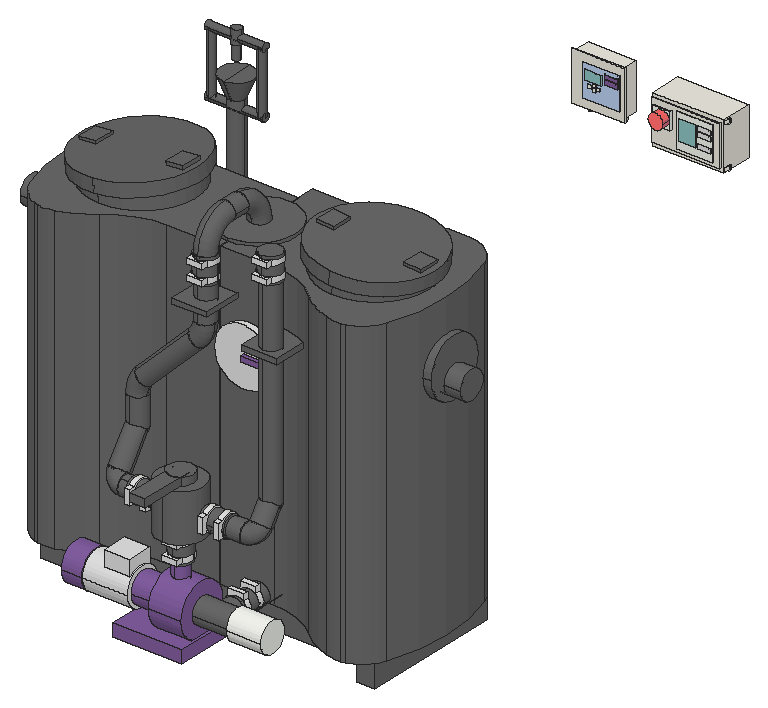
Revit family "93003.02_ms", category Generic Models, Revit 2021
Family settings
  Can host rebar = No
  Round Connector Dimension = Use Diameter
  Part Type = Normal
  Work Plane-Based = No
  Always vertical = Yes
  Cut with Voids When Loaded = No
  Shared = Yes
  Room Calculation Point = No
Parameters (values of type "93003.02_MS")
  SUPPLIER = "KESSEL"
  SA810ID06 = "4026092065020"
  SA810ID03 = "93003.02/MS"
  SA71009ID06 = 3000 W
  SA71009ID05 = 3600 W
  SA71009ID04 = 1
  SA700ID17 = 1055 mm
  SA700ID14 = "ohne Angabe"
  SA700ID13 = 70 mm
  SA700ID09 = 1458 mm
  SA700ID08 = 680 mm
  SA700ID07 = 1500 mm
  SA700ID06 = 300
  SA700ID05 = 3
  SA700ID04 = "Grease separator EasyClean free NS 3, Mix & Pump, SonicControl"
  SA500ID03 = "Sludge trap, integrated"
  SA400ID03 = "PE (Polyethylen)"
  SA250ID03 = "temperierte Umhausung"
  SA200ID03 = "free-standing set-up"
  SA100ID04 = "Abscheideranlage für Fette (Schlammfang und Fettabscheider)"
  PROCUREWEBLINK = "https://p.caden.as/kessel/93003.02%2FMS"
  PROCURELINK = "p.caden.as/kessel/93003.02%2FMS"
  PROCUREDATALASTUPDATE = "2024-05-22T12:18:14.54944411+01:00"
  PRC_SPECIFICATIONLINK = "https://ausschreiben.de/catalog/kessel/catalogItem/e60f53d6-9750-4a69-9ea4-1343c2af679b"
  NN = "EasyClean free Mix & Pump grease separator"
  NBSYN = "$SA810ID03."
  NB = "93003.02/MS"
  Model = "93003.02/MS"
  Manufacturer = "KESSEL"
  MIdent = "{$CADENAS_DATA/23d-libs/kessel/kessel_vdi_import/40/abscheideranlage20fuer20fette/easyclean_free_mix_pump.prj},210 {STYP=ASS},{VTYP=3D},{NB=93003.02/MS},{LINA=93003.02/MS},{NN=EasyClean free Mix & Pump grease separator},{DATE=21.12.2022 12:04:43},{GEOMDATE=17.11.2022 09:57:07},{VERSION=},{LINEID=180},{WBVAR=},{WBNUMERIC=}  {NB=93003.02/MS},{LINA=93003.02/MS},{KT=DUMMY},{PREVIEW=../../bilder/ksb_w_9300302ms.png},{SA700ID04=Fettabscheider EasyClean free NS 3, Mix & Pump, SonicControl},{SA810ID06=4026092065020},{SA010ID04=KESSEL AG},{SA810ID03=93003.02/MS},{SA100ID04=Abscheideranlage für Fette (Schlammfang und Fettabscheider)},{SA200ID03=Freiaufstellung},{SA400ID03=PE (Polyethylen)},{SA500ID03=Schlammfang integriert},{SA700ID05=3.00},{SA700ID06=300},{SA71009ID04=1},{SA71009ID05=3.60},{SA71009ID06=3.00},{SA250ID03=temperierte Umhausung},{SA700ID07=1500},{SA700ID09=1458},{SA700ID13=70},{SA700ID17=1055},{SA700ID08=680},{SA810ID10=\\\"Der Abscheider für fetthaltiges Abwasser ist für die freie Aufstellung in frostgeschützten Räumen geeignet und verzichtet auf metallische Bauteile im Behälter. Der Sammelbehälter aus dauerhaft beständigem Kunststoff (PE) ist mit einem integrierten Schlammfang ausgestattet und besitzt ein konisch zulaufendes Bodenteil für eine schnelle und saubere Entsorgung. Zwei geruchsdichte Deckel mit Schnellspannverschlüssen ermöglichen einen einfachen Zugang für Reinigungs- und Wartungsarbeiten.Das innovative Schredder-Mix-System mit integriertem Zerhacker übernimmt die Homogenisierung und Umwälzung des Behälterinhaltes. Die Reinigung und geruchsneutrale Entsorgung erfolgt dabei über eine außenliegende Pumpe mit 2-Wege-Ventil und Umschalthebel, die mit einem Absperrschieber vom Behälter getrennt werden kann. Nach der Entsorgung sind nur noch max. 3 Liter Schlammrestvolumen im Behälter vorhanden.Die manuelle Steuerung erfolgt durch ein anwenderfreundliches Schaltgerät, das über einen potentialfreien Kontakt in die Gebäudeleittechnik eingebunden werden kann.Gewährleistung auf den Werkstoff PE 20 Jahre.Ausführung:Absperreinrichtung: jaEntsorgungsart: manuelles Entsorgungs- und ReinigungssystemEntsorgungseinrichtung: EntsorgungspumpeEntsorgungsvariante: Mix & PumpFülleinrichtung nach DIN 1988: jaNenngröße (NS): 3Schauglas: jaSchredder-Mix-System: jaSonicControl: jaWasserversorgung: 1 Schraubventil 1\\\"\\\"Tragfähigkeit (DIN 19901): F3Lieferumfang: Storz-B-Kupplung R 2 1/2 \\\"\\\" für SaugwagenanschlussEinbausituation: freie AufstellungAllgemeine Merkmale:Material: PENorm: EN 1825: 2004, DIN 4040-100Abmessungen:Aufstellfläche Länge: 1.736 mmAufstellfläche Breite: 841 mmAufstellfläche Höhe: 1.767 mmEinbringmaß Länge: 1.500 mmEinbringmaß Breite: 680 mmEinbringmaß Höhe: 1.458 mmBehälter/Grundkörper:Zulauf Nennweite (DN): 100 mmZulauf Nennweite (DA): 110 mmAuslauf Nennweite (DN): 100Auslauf Nennweite (DA): 110Abstand Rohrsohle Zulauf zu Behälterboden: 1.055 mmAbstand Rohrsohle Auslauf zu Behälterboden: 985 mmAnschluss Zu-/Auslaufstutzen: PE-HD-Rohre nach DIN 19537, HT-Rohre nach DIN 19560, PP oder ASDruckabgang (DA): 75 mmDruckabgang (DN): 65 mmNenndruck (PN): 10Abdeckungsmerkmale:Abdeckungsart: DeckelAbdeckung Material: KunststoffAbdeckung Farbe: violettDichtheit: geruchsdichtVerriegelung: SchnellspannverschlussAbwasserinhalt:Abscheiderinhalt: 300 lGesamtvolumen: 600 lSchlammfanginhalt: 300 lSpeichermenge an Fett: 120 lFördereinrichtung:Pumpe: SPF 300 KE 2.0Anzahl Pumpen: 1Förderhöhe max.: 17 mFörderleistung max.: 60 m3/hBetriebsspannung: 400 VNetzfrequenz: 50 HzBetriebsart: S2 - 30 Min.Leistung P1: 3,6 kWLeistung P2: 3 kWDrehzahl: 2.850 U/minErforderliche Absicherung (Leitungsschutz): Absicherung über Schaltgerät 400 VFörderguttemperatur (dauerhaft) max.: 40 °CAnschlusstyp: DirektanschlussGewicht: 44 kgLaufrad Typ: Radiallaufrad mit ZerhackerLänge Netzanschlussleitung Pumpe: 5 mNennstrom: 6,2 ASchutzart Pumpe: IP 55Schutzklasse: ITyp Anschlussleitung Pumpe: H07RN-F 7G 1,5 mm2Temperaturüberwachung: integriertSteuerung:Schaltgerät: jaBetriebsspannung: 400 VNetzfrequenz: 50 HzSelbstdiagnosesystem (SDS): jaBatteriepufferung: neinMehrzeilige Displayanzeige: neinLogbuchfunktion: neinUSB-Schnittstelle: neinGSM-Schnittstelle: neinPotentialfreier Kontakt: jaErforderliche Absicherung (Leitungsschutz): 3 x C 16 AErforderliche Absicherung (RCD): 30 mAMotorschutz Schalter: jaSchutzart Schaltgerät: IP 54\\\"},{SA700ID14=ohne Angabe},{LODLEVEL=0},{CATEGORY3AA=},{CATEGORY3AB=EasyClean free Mix & Pump},{CATEGORY3AC=},{CATEGORY3AD=},{CATEGORY3AE=},{CATEGORY3AF=},{BEZEICHNUNG=},{BREITE=0.0},{TIEFE=MIN},{HOEHE=MIN},{MASSE=MIN},{LOD_=0,'Low'},{LOD_DEU=0,'Low'},{LOD_3DB=93003.02/MS_0},{DNIN1=100},{DNIN2=10},{DNIN3=10},{DNIN4=10},{DNIN5=MIN},{DNIN6=MIN},{DNIN7=MIN},{DNOUT1=100},{DNOUT2=50},{ISD=80},{ISD2=10},{SA960ID03=97},{SA960ID04=3L},{SA960ID08=http://www.kessel.de/info?han=93003.02/MS},{SA010ID01=010},{SA010ID02=40},{SA010ID06=www.kessel.de},{SA010ID08=4026092000007},{SA100ID01=100},{SA100ID02=1},{SA740ID01=740},{SA200ID01=200},{SA200ID02=1},{SA250ID01=250},{SA250ID02=1},{SA400ID01=400},{SA400ID02=1},{SA500ID01=500},{SA500ID02=1},{SA700ID01=700},{SA700ID02=97},{SA700ID14_=0},{SA71009ID01=710.09},{SA71009ID02=1},{SA71009ID03=SPF 300 KE 2.0},{SA71009ID07=IP55},{SA71009ID08=1},{SA71009ID09=1},{SA71009ID10=60},{SA71009ID11=17},{SA810ID01=810},{SA810ID02=97},{SA810ID04=93003.02/MS},{SA810ID07=97},{SA810ID14=PCE},{LINK=http://www.kessel.de/info?han=93003.02/MS},{LINK_=http://www.kessel.de/info?han=93003.02/MS},{LINK_DEU=http://www.kessel.de/info?han=93003.02/MS},{LODLEVELVIS=Low}"
  LINK = "http://www.kessel.de/info?han=93003.02/MS"
  LINA = "93003.02/MS"
  Default Elevation = 0 mm
  CREATOR = "CADENAS GmbH"
  CATALOG = "KESSEL"
  BOMINFO = "LINA"
  ARTICLENO = "NB"
Reference planes
  plane 1 "Center (Front/Back)": y = 0
  plane 2: z = 0
  plane 3 "Center (Left/Right)": x = 0
Dimensions and locks
  aligned and locked: level to plane 2
Nested families
  nested 1: "93003.02_ms_content" at (0, 0, 0), type "93003.02_MS_Content"
  nested 2: "93003.02_ms_part1_X0Y0" at (1000, 1000, 1500), type "93003.02_MS_PART1_X0Y0"
  nested 3: "93003.02_ms_part2_X0Y0" at (600, 1000, 1500), type "93003.02_MS_PART2_X0Y0"
  nested 4: "93003.02_ms_part3_X0Y0" at (0, 0, 0), type "93003.02_MS_PART3_X0Y0"
Connectors
  electrical at (910.5, 933.5, 1478)
    settings: on nested 2, index 1, voltage 0 V, apparent load 0 VA, apparent load phase1 0 VA, apparent load phase2 0 VA, apparent load phase3 0 VA, power factor 1, load classification "Other", number of poles 1, system type 31, power factor state 1, is connector primary yes, connector utility no, sub classification motor no, connector description ""
  electrical at (536, 972.5, 1469)
    settings: on nested 3, index 2, voltage 0 V, apparent load 0 VA, apparent load phase1 0 VA, apparent load phase2 0 VA, apparent load phase3 0 VA, power factor 1, load classification "Other", number of poles 1, system type 31, power factor state 1, is connector primary no, connector utility no, sub classification motor no, connector description ""
  piping at (-897.6, 0, 1113), diameter 100
    settings: on nested 4, index 3, connector inside diameter 609.6 mm, connector length 0 mm, flow factor 0, pipe flow 0.0 L/s, pressure drop 0.0 Pa, fitting loss kfactor 0, connector angle 0.00°, fixture units 0, engagement length 0 mm, angle of deflection 0.00°, flow configuration 0, flow direction 1, fitting loss method 2, system type 8, joint type 0, gender type 0, connector reference index -1, connector utility 0, adjustable connector no, is connector primary yes, connector description ""
  piping at (-305, 275, 1772.9), diameter 10
    settings: on nested 4, index 4, connector inside diameter 609.6 mm, connector length 0 mm, flow factor 0, pipe flow 0.0 L/s, pressure drop 0.0 Pa, fitting loss kfactor 0, connector angle 0.00°, fixture units 0, engagement length 0 mm, angle of deflection 0.00°, flow configuration 0, flow direction 1, fitting loss method 2, system type 8, joint type 0, gender type 0, connector reference index -1, connector utility 0, adjustable connector no, is connector primary no, connector description ""
  piping at (844, 0, 1030), diameter 100
    settings: on nested 4, index 5, connector inside diameter 609.6 mm, connector length 0 mm, flow factor 0, pipe flow 0.0 L/s, pressure drop 0.0 Pa, fitting loss kfactor 0, connector angle 0.00°, fixture units 0, engagement length 0 mm, angle of deflection 0.00°, flow configuration 0, flow direction 2, fitting loss method 2, system type 7, joint type 0, gender type 0, connector reference index -1, connector utility 0, adjustable connector no, is connector primary no, connector description ""
  piping at (290, -301.5, 1445.5), diameter 50
    settings: on nested 4, index 6, connector inside diameter 609.6 mm, connector length 0 mm, flow factor 0, pipe flow 0.0 L/s, pressure drop 0.0 Pa, fitting loss kfactor 0, connector angle 0.00°, fixture units 0, engagement length 0 mm, angle of deflection 0.00°, flow configuration 0, flow direction 2, fitting loss method 2, system type 7, joint type 0, gender type 0, connector reference index -1, connector utility 0, adjustable connector no, is connector primary no, connector description ""
  electrical at (-212, -383, 248.5)
    settings: on nested 4, index 7, voltage 0 V, apparent load 0 VA, apparent load phase1 0 VA, apparent load phase2 0 VA, apparent load phase3 0 VA, power factor 1, load classification "Other", number of poles 1, system type 31, power factor state 1, is connector primary no, connector utility no, sub classification motor no, connector description ""
Definition of nested family "93003.02_ms_part1_X0Y0"
  Parameters (values of type "93003.02_MS_PART1_X0Y0")
    SUPPLIER = "KESSEL"
    SA810ID06 = "4026092065020"
    SA810ID03 = "93003.02/MS"
    SA71009ID06 = 3000 W
    SA71009ID05 = 3600 W
    SA71009ID04 = 1
    SA700ID17 = 1055 mm
    SA700ID14 = "ohne Angabe"
    SA700ID13 = 70 mm
    SA700ID09 = 1458 mm
    SA700ID08 = 680 mm
    SA700ID07 = 1500 mm
    SA700ID06 = 300
    SA700ID05 = 3
    SA700ID04 = "Grease separator EasyClean free NS 3, Mix & Pump, SonicControl"
    SA500ID03 = "Sludge trap, integrated"
    SA400ID03 = "PE (Polyethylen)"
    SA250ID03 = "temperierte Umhausung"
    SA200ID03 = "free-standing set-up"
    SA100ID04 = "Abscheideranlage für Fette (Schlammfang und Fettabscheider)"
    NBSYN = "$SA810ID03._PART1"
    NB = "93003.02/MS_PART1"
    Model = "93003.02/MS_PART1"
    Manufacturer = "KESSEL"
    MIdent = "{$CADENAS_DATA/23d-libs/kessel/kessel_vdi_import/40/abscheideranlage20fuer20fette/easyclean_free_mix_pump.prj},230 {VTYP=3D},{NB=93003.02/MS_PART1},{LINA=93003.02/MS_PART1},{NN=EasyClean free Mix & Pump grease separator_PART1},{NOPRJ=TRUE},{DATE=21.12.2022 12:04:43},{GEOMDATE=17.11.2022 09:57:07},{VERSION=},{LINEID=180},{WBVAR=},{WBNUMERIC=}  {NB=93003.02/MS_PART1},{LINA=93003.02/MS_PART1},{KT=DUMMY},{PREVIEW=../../bilder/ksb_w_9300302ms.png},{SA700ID04=Fettabscheider EasyClean free NS 3, Mix & Pump, SonicControl},{SA810ID06=4026092065020},{SA010ID04=KESSEL AG},{SA810ID03=93003.02/MS},{SA100ID04=Abscheideranlage für Fette (Schlammfang und Fettabscheider)},{SA200ID03=Freiaufstellung},{SA400ID03=PE (Polyethylen)},{SA500ID03=Schlammfang integriert},{SA700ID05=3.00},{SA700ID06=300},{SA71009ID04=1},{SA71009ID05=3.60},{SA71009ID06=3.00},{SA250ID03=temperierte Umhausung},{SA700ID07=1500},{SA700ID09=1458},{SA700ID13=70},{SA700ID17=1055},{SA700ID08=680},{SA810ID10=\\\"Der Abscheider für fetthaltiges Abwasser ist für die freie Aufstellung in frostgeschützten Räumen geeignet und verzichtet auf metallische Bauteile im Behälter. Der Sammelbehälter aus dauerhaft beständigem Kunststoff (PE) ist mit einem integrierten Schlammfang ausgestattet und besitzt ein konisch zulaufendes Bodenteil für eine schnelle und saubere Entsorgung. Zwei geruchsdichte Deckel mit Schnellspannverschlüssen ermöglichen einen einfachen Zugang für Reinigungs- und Wartungsarbeiten.Das innovative Schredder-Mix-System mit integriertem Zerhacker übernimmt die Homogenisierung und Umwälzung des Behälterinhaltes. Die Reinigung und geruchsneutrale Entsorgung erfolgt dabei über eine außenliegende Pumpe mit 2-Wege-Ventil und Umschalthebel, die mit einem Absperrschieber vom Behälter getrennt werden kann. Nach der Entsorgung sind nur noch max. 3 Liter Schlammrestvolumen im Behälter vorhanden.Die manuelle Steuerung erfolgt durch ein anwenderfreundliches Schaltgerät, das über einen potentialfreien Kontakt in die Gebäudeleittechnik eingebunden werden kann.Gewährleistung auf den Werkstoff PE 20 Jahre.Ausführung:Absperreinrichtung: jaEntsorgungsart: manuelles Entsorgungs- und ReinigungssystemEntsorgungseinrichtung: EntsorgungspumpeEntsorgungsvariante: Mix & PumpFülleinrichtung nach DIN 1988: jaNenngröße (NS): 3Schauglas: jaSchredder-Mix-System: jaSonicControl: jaWasserversorgung: 1 Schraubventil 1\\\"\\\"Tragfähigkeit (DIN 19901): F3Lieferumfang: Storz-B-Kupplung R 2 1/2 \\\"\\\" für SaugwagenanschlussEinbausituation: freie AufstellungAllgemeine Merkmale:Material: PENorm: EN 1825: 2004, DIN 4040-100Abmessungen:Aufstellfläche Länge: 1.736 mmAufstellfläche Breite: 841 mmAufstellfläche Höhe: 1.767 mmEinbringmaß Länge: 1.500 mmEinbringmaß Breite: 680 mmEinbringmaß Höhe: 1.458 mmBehälter/Grundkörper:Zulauf Nennweite (DN): 100 mmZulauf Nennweite (DA): 110 mmAuslauf Nennweite (DN): 100Auslauf Nennweite (DA): 110Abstand Rohrsohle Zulauf zu Behälterboden: 1.055 mmAbstand Rohrsohle Auslauf zu Behälterboden: 985 mmAnschluss Zu-/Auslaufstutzen: PE-HD-Rohre nach DIN 19537, HT-Rohre nach DIN 19560, PP oder ASDruckabgang (DA): 75 mmDruckabgang (DN): 65 mmNenndruck (PN): 10Abdeckungsmerkmale:Abdeckungsart: DeckelAbdeckung Material: KunststoffAbdeckung Farbe: violettDichtheit: geruchsdichtVerriegelung: SchnellspannverschlussAbwasserinhalt:Abscheiderinhalt: 300 lGesamtvolumen: 600 lSchlammfanginhalt: 300 lSpeichermenge an Fett: 120 lFördereinrichtung:Pumpe: SPF 300 KE 2.0Anzahl Pumpen: 1Förderhöhe max.: 17 mFörderleistung max.: 60 m3/hBetriebsspannung: 400 VNetzfrequenz: 50 HzBetriebsart: S2 - 30 Min.Leistung P1: 3,6 kWLeistung P2: 3 kWDrehzahl: 2.850 U/minErforderliche Absicherung (Leitungsschutz): Absicherung über Schaltgerät 400 VFörderguttemperatur (dauerhaft) max.: 40 °CAnschlusstyp: DirektanschlussGewicht: 44 kgLaufrad Typ: Radiallaufrad mit ZerhackerLänge Netzanschlussleitung Pumpe: 5 mNennstrom: 6,2 ASchutzart Pumpe: IP 55Schutzklasse: ITyp Anschlussleitung Pumpe: H07RN-F 7G 1,5 mm2Temperaturüberwachung: integriertSteuerung:Schaltgerät: jaBetriebsspannung: 400 VNetzfrequenz: 50 HzSelbstdiagnosesystem (SDS): jaBatteriepufferung: neinMehrzeilige Displayanzeige: neinLogbuchfunktion: neinUSB-Schnittstelle: neinGSM-Schnittstelle: neinPotentialfreier Kontakt: jaErforderliche Absicherung (Leitungsschutz): 3 x C 16 AErforderliche Absicherung (RCD): 30 mAMotorschutz Schalter: jaSchutzart Schaltgerät: IP 54\\\"},{SA700ID14=ohne Angabe},{LODLEVEL=0},{CATEGORY3AA=},{CATEGORY3AB=EasyClean free Mix & Pump},{CATEGORY3AC=},{CATEGORY3AD=},{CATEGORY3AE=},{CATEGORY3AF=},{BEZEICHNUNG=},{BREITE=0.0},{TIEFE=MIN},{HOEHE=MIN},{MASSE=MIN},{LOD_=0,'Low'},{LOD_DEU=0,'Low'},{LOD_3DB=93003.02/MS_0},{DNIN1=100},{DNIN2=10},{DNIN3=10},{DNIN4=10},{DNIN5=MIN},{DNIN6=MIN},{DNIN7=MIN},{DNOUT1=100},{DNOUT2=50},{ISD=80},{ISD2=10},{SA960ID03=97},{SA960ID04=3L},{SA960ID08=http://www.kessel.de/info?han=93003.02/MS},{SA010ID01=010},{SA010ID02=40},{SA010ID06=www.kessel.de},{SA010ID08=4026092000007},{SA100ID01=100},{SA100ID02=1},{SA740ID01=740},{SA200ID01=200},{SA200ID02=1},{SA250ID01=250},{SA250ID02=1},{SA400ID01=400},{SA400ID02=1},{SA500ID01=500},{SA500ID02=1},{SA700ID01=700},{SA700ID02=97},{SA700ID14_=0},{SA71009ID01=710.09},{SA71009ID02=1},{SA71009ID03=SPF 300 KE 2.0},{SA71009ID07=IP55},{SA71009ID08=1},{SA71009ID09=1},{SA71009ID10=60},{SA71009ID11=17},{SA810ID01=810},{SA810ID02=97},{SA810ID04=93003.02/MS},{SA810ID07=97},{SA810ID14=PCE},{LINK=http://www.kessel.de/info?han=93003.02/MS},{LINK_=http://www.kessel.de/info?han=93003.02/MS},{LINK_DEU=http://www.kessel.de/info?han=93003.02/MS},{LODLEVELVIS=Low}"
    LINK = "http://www.kessel.de/info?han=93003.02/MS"
    LINA = "93003.02/MS_PART1"
    Default Elevation = 1219.2 mm
    CREATOR = "CADENAS GmbH"
    CATALOG = "KESSEL"
    BOMINFO = "LINA"
    ARTICLENO = "NB"
  Reference planes
    plane 1 "Center (Front/Back)": y = 0
    plane 2: z = 0
    plane 3 "Center (Left/Right)": x = 0
  Dimensions and locks
    aligned and locked: level to plane 2
  Nested families
    nested 1: "93003.02_ms_part1_content" at (0, 0, 0), type "93003.02_MS_PART1_Content"
  Definition of nested family "93003.02_ms_part1_content"
    Parameters (values of type "93003.02_MS_PART1_Content")
      SUPPLIER = "KESSEL"
      SA810ID06 = "4026092065020"
      SA810ID03 = "93003.02/MS"
      SA71009ID06 = 3000 W
      SA71009ID05 = 3600 W
      SA71009ID04 = 1
      SA700ID17 = 1055 mm
      SA700ID14 = "ohne Angabe"
      SA700ID13 = 70 mm
      SA700ID09 = 1458 mm
      SA700ID08 = 680 mm
      SA700ID07 = 1500 mm
      SA700ID06 = 300
      SA700ID05 = 3
      SA700ID04 = "Grease separator EasyClean free NS 3, Mix & Pump, SonicControl"
      SA500ID03 = "Sludge trap, integrated"
      SA400ID03 = "PE (Polyethylen)"
      SA250ID03 = "temperierte Umhausung"
      SA200ID03 = "free-standing set-up"
      SA100ID04 = "Abscheideranlage für Fette (Schlammfang und Fettabscheider)"
      NBSYN = "$SA810ID03._PART1"
      NB = "93003.02/MS_PART1"
      Model = "93003.02/MS_PART1"
      Manufacturer = "KESSEL"
      LINK = "http://www.kessel.de/info?han=93003.02/MS"
      LINA = "93003.02/MS_PART1"
      Default Elevation = 1219.2 mm
      CREATOR = "CADENAS GmbH"
      CATALOG = "KESSEL"
      BOMINFO = "LINA"
      ARTICLENO = "NB"
    Reference planes
      plane 1 "Center (Front/Back)": y = 0
      plane 2: z = 0
      plane 3 "Center (Left/Right)": x = 0
    Forms (mm)
      Extrusion 1, solid, detail levels medium+fine
        sketch origin (139, 0, 0) x (0, -1, 0) y (0, 0, 1)
          loop
            line (0, 188) -> (0, 0) -> (122.5, 0) -> (122.5, 188) -> (0, 188)
        from 0 to 278
      Extrusion 2, solid, detail levels medium+fine
        sketch origin (130, -122.5, 14) x (0, -1, 0) y (0, 0, 1)
          loop
            line (0, 160) -> (0, 0) -> (5, 0) -> (5, 160) -> (0, 160)
        from 0 to 269
      Extrusion 3, solid, detail levels medium+fine
        sketch origin (100, -127.5, 26) x (0, -1, 0) y (0, 0, 1)
          loop
            line (-1.5, 135) -> (-1.5, 0) -> (0.2, 0) -> (0.2, 135) -> (-1.5, 135)
        from 0 to 140
      Extrusion 4, solid, detail levels medium+fine
        sketch origin (32.5, -127.7, 55) x (0, -1, 0) y (0, 0, 1)
          loop
            line (-1.5, 79) -> (-1.5, 0) -> (0.1, 0) -> (0.1, 79) -> (-1.5, 79)
        from 0 to 65
      Extrusion 5, solid, detail levels medium+fine
        sketch origin (92.5, -127.7, 97) x (0, -1, 0) y (0, 0, 1)
          loop
            line (-1.5, 16) -> (-1.5, 0) -> (0.1, 0) -> (0.1, 16) -> (-1.5, 16)
        from 0 to 51
      Extrusion 6, solid, detail levels medium+fine
        sketch origin (92.5, -127.7, 55) x (0, -1, 0) y (0, 0, 1)
          loop
            line (-1.5, 16) -> (-1.5, 0) -> (0.1, 0) -> (0.1, 16) -> (-1.5, 16)
        from 0 to 51
      Extrusion 7, solid, detail levels medium+fine
        sketch origin (92.5, -127.7, 118) x (0, -1, 0) y (0, 0, 1)
          loop
            line (-1.5, 16) -> (-1.5, 0) -> (0.1, 0) -> (0.1, 16) -> (-1.5, 16)
        from 0 to 51
      Extrusion 8, solid, detail levels medium+fine
        sketch origin (0.25, -66.5, 1.5) x (0.866025, 0.5, 0) y (0.5, -0.866025, 0)
          loop
            circle (0, 0) r 10
        from 0 to 2.5
      Extrusion 9, solid, detail levels medium+fine
        sketch origin (-63, -127.5, 84) x (0, -1, 0) y (0, 0, 1)
          loop
            line (0, 67) -> (0, 0) -> (7, 0) -> (7, 67) -> (0, 67)
        from 0 to 67
      Extrusion 10, solid, detail levels medium+fine
        sketch origin (-96.5, -134.5, 117.5) x (1, 0, 0) y (0, 0, 1)
          loop
            circle (0, 0) r 29.5
        from 0 to 29
      Extrusion 11, solid, detail levels medium+fine
        sketch origin (30.25, -66.5, 1.5) x (0.866025, 0.5, 0) y (0.5, -0.866025, 0)
          loop
            circle (0, 0) r 10
        from 0 to 2.5
      Extrusion 12, solid, detail levels medium+fine
        sketch origin (60.25, -66.5, 1.5) x (0.866025, 0.5, 0) y (0.5, -0.866025, 0)
          loop
            circle (0, 0) r 10
        from 0 to 2.5
      Extrusion 13, solid, detail levels medium+fine
        sketch origin (-44.5, -66.5, 0) x (0.866025, 0.5, 0) y (0.5, -0.866025, 0)
          loop
            line (0, 17.321) -> (-15, 8.66) -> (-15, -8.66) -> (0, -17.321) -> (15, -8.66) -> (15, 8.66) -> (0, 17.321)
        from 0 to 22
      Extrusion 14, solid, detail levels medium+fine
        sketch origin (-89.5, -66.5, 0) x (0.866025, 0.5, 0) y (0.5, -0.866025, 0)
          loop
            line (0, 17.321) -> (-15, 8.66) -> (-15, -8.66) -> (0, -17.321) -> (15, -8.66) -> (15, 8.66) -> (0, 17.321)
        from 0 to 22
      Extrusion 15, solid, detail levels medium+fine
        sketch origin (-128, 0, 177) x (-1, 0, 0) y (0, 0, 1)
          loop
            circle (0, 0) r 7.5
        from 0 to 2
      Extrusion 16, solid, detail levels medium+fine
        sketch origin (-128, 0, 11) x (-1, 0, 0) y (0, 0, 1)
          loop
            circle (0, 0) r 7.5
        from 0 to 2
      Extrusion 17, solid, detail levels medium+fine
        sketch origin (128, 0, 11) x (-1, 0, 0) y (0, 0, 1)
          loop
            circle (0, 0) r 7.5
        from 0 to 2
      Extrusion 18, solid, detail levels medium+fine
        sketch origin (128, 0, 177) x (-1, 0, 0) y (0, 0, 1)
          loop
            circle (0, 0) r 7.5
        from 0 to 2
      Extrusion 19, solid, detail levels medium+fine
        sketch origin (143.5, -100.5, 170) x (-1, 0, 0) y (0, -1, 0)
          loop
            circle (0, 0) r 5
        from 0 to 14
      Extrusion 20, solid, detail levels medium+fine
        sketch origin (139, -100.5, 170) x (0, -1, 0) y (1, 0, 0)
          loop
            line (0, 9.5) -> (0, 0) -> (20, 0) -> (0, 9.5)
        from 0 to 14
      Extrusion 21, solid, detail levels medium+fine
        sketch origin (143.5, -100.5, 4) x (-1, 0, 0) y (0, -1, 0)
          loop
            circle (0, 0) r 5
        from 0 to 14
      Extrusion 22, solid, detail levels medium+fine
        sketch origin (139, -100.5, 4) x (0, -1, 0) y (1, 0, 0)
          loop
            line (0, 9.5) -> (0, 0) -> (20, 0) -> (0, 9.5)
        from 0 to 14
      Extrusion 23, solid, detail levels coarse
        sketch origin (4.75, -80.75, -22) x (1, 0, 0) y (0, 1, 0)
          loop
            line (-143.75, -82.75) -> (143.75, -82.75) -> (143.75, 82.75) -> (-143.75, 82.75) -> (-143.75, -82.75)
        from 0 to 210
    Dimensions and locks
      aligned and locked: level to plane 2
Definition of nested family "93003.02_ms_part2_X0Y0"
  Parameters (values of type "93003.02_MS_PART2_X0Y0")
    SUPPLIER = "KESSEL"
    SA810ID06 = "4026092065020"
    SA810ID03 = "93003.02/MS"
    SA71009ID06 = 3000 W
    SA71009ID05 = 3600 W
    SA71009ID04 = 1
    SA700ID17 = 1055 mm
    SA700ID14 = "ohne Angabe"
    SA700ID13 = 70 mm
    SA700ID09 = 1458 mm
    SA700ID08 = 680 mm
    SA700ID07 = 1500 mm
    SA700ID06 = 300
    SA700ID05 = 3
    SA700ID04 = "Grease separator EasyClean free NS 3, Mix & Pump, SonicControl"
    SA500ID03 = "Sludge trap, integrated"
    SA400ID03 = "PE (Polyethylen)"
    SA250ID03 = "temperierte Umhausung"
    SA200ID03 = "free-standing set-up"
    SA100ID04 = "Abscheideranlage für Fette (Schlammfang und Fettabscheider)"
    NBSYN = "$SA810ID03._PART2"
    NB = "93003.02/MS_PART2"
    Model = "93003.02/MS_PART2"
    Manufacturer = "KESSEL"
    MIdent = "{$CADENAS_DATA/23d-libs/kessel/kessel_vdi_import/40/abscheideranlage20fuer20fette/easyclean_free_mix_pump.prj},230 {VTYP=3D},{NB=93003.02/MS_PART2},{LINA=93003.02/MS_PART2},{NN=EasyClean free Mix & Pump grease separator_PART2},{NOPRJ=TRUE},{DATE=21.12.2022 12:04:43},{GEOMDATE=17.11.2022 09:57:07},{VERSION=},{LINEID=180},{WBVAR=},{WBNUMERIC=}  {NB=93003.02/MS_PART2},{LINA=93003.02/MS_PART2},{KT=DUMMY},{PREVIEW=../../bilder/ksb_w_9300302ms.png},{SA700ID04=Fettabscheider EasyClean free NS 3, Mix & Pump, SonicControl},{SA810ID06=4026092065020},{SA010ID04=KESSEL AG},{SA810ID03=93003.02/MS},{SA100ID04=Abscheideranlage für Fette (Schlammfang und Fettabscheider)},{SA200ID03=Freiaufstellung},{SA400ID03=PE (Polyethylen)},{SA500ID03=Schlammfang integriert},{SA700ID05=3.00},{SA700ID06=300},{SA71009ID04=1},{SA71009ID05=3.60},{SA71009ID06=3.00},{SA250ID03=temperierte Umhausung},{SA700ID07=1500},{SA700ID09=1458},{SA700ID13=70},{SA700ID17=1055},{SA700ID08=680},{SA810ID10=\\\"Der Abscheider für fetthaltiges Abwasser ist für die freie Aufstellung in frostgeschützten Räumen geeignet und verzichtet auf metallische Bauteile im Behälter. Der Sammelbehälter aus dauerhaft beständigem Kunststoff (PE) ist mit einem integrierten Schlammfang ausgestattet und besitzt ein konisch zulaufendes Bodenteil für eine schnelle und saubere Entsorgung. Zwei geruchsdichte Deckel mit Schnellspannverschlüssen ermöglichen einen einfachen Zugang für Reinigungs- und Wartungsarbeiten.Das innovative Schredder-Mix-System mit integriertem Zerhacker übernimmt die Homogenisierung und Umwälzung des Behälterinhaltes. Die Reinigung und geruchsneutrale Entsorgung erfolgt dabei über eine außenliegende Pumpe mit 2-Wege-Ventil und Umschalthebel, die mit einem Absperrschieber vom Behälter getrennt werden kann. Nach der Entsorgung sind nur noch max. 3 Liter Schlammrestvolumen im Behälter vorhanden.Die manuelle Steuerung erfolgt durch ein anwenderfreundliches Schaltgerät, das über einen potentialfreien Kontakt in die Gebäudeleittechnik eingebunden werden kann.Gewährleistung auf den Werkstoff PE 20 Jahre.Ausführung:Absperreinrichtung: jaEntsorgungsart: manuelles Entsorgungs- und ReinigungssystemEntsorgungseinrichtung: EntsorgungspumpeEntsorgungsvariante: Mix & PumpFülleinrichtung nach DIN 1988: jaNenngröße (NS): 3Schauglas: jaSchredder-Mix-System: jaSonicControl: jaWasserversorgung: 1 Schraubventil 1\\\"\\\"Tragfähigkeit (DIN 19901): F3Lieferumfang: Storz-B-Kupplung R 2 1/2 \\\"\\\" für SaugwagenanschlussEinbausituation: freie AufstellungAllgemeine Merkmale:Material: PENorm: EN 1825: 2004, DIN 4040-100Abmessungen:Aufstellfläche Länge: 1.736 mmAufstellfläche Breite: 841 mmAufstellfläche Höhe: 1.767 mmEinbringmaß Länge: 1.500 mmEinbringmaß Breite: 680 mmEinbringmaß Höhe: 1.458 mmBehälter/Grundkörper:Zulauf Nennweite (DN): 100 mmZulauf Nennweite (DA): 110 mmAuslauf Nennweite (DN): 100Auslauf Nennweite (DA): 110Abstand Rohrsohle Zulauf zu Behälterboden: 1.055 mmAbstand Rohrsohle Auslauf zu Behälterboden: 985 mmAnschluss Zu-/Auslaufstutzen: PE-HD-Rohre nach DIN 19537, HT-Rohre nach DIN 19560, PP oder ASDruckabgang (DA): 75 mmDruckabgang (DN): 65 mmNenndruck (PN): 10Abdeckungsmerkmale:Abdeckungsart: DeckelAbdeckung Material: KunststoffAbdeckung Farbe: violettDichtheit: geruchsdichtVerriegelung: SchnellspannverschlussAbwasserinhalt:Abscheiderinhalt: 300 lGesamtvolumen: 600 lSchlammfanginhalt: 300 lSpeichermenge an Fett: 120 lFördereinrichtung:Pumpe: SPF 300 KE 2.0Anzahl Pumpen: 1Förderhöhe max.: 17 mFörderleistung max.: 60 m3/hBetriebsspannung: 400 VNetzfrequenz: 50 HzBetriebsart: S2 - 30 Min.Leistung P1: 3,6 kWLeistung P2: 3 kWDrehzahl: 2.850 U/minErforderliche Absicherung (Leitungsschutz): Absicherung über Schaltgerät 400 VFörderguttemperatur (dauerhaft) max.: 40 °CAnschlusstyp: DirektanschlussGewicht: 44 kgLaufrad Typ: Radiallaufrad mit ZerhackerLänge Netzanschlussleitung Pumpe: 5 mNennstrom: 6,2 ASchutzart Pumpe: IP 55Schutzklasse: ITyp Anschlussleitung Pumpe: H07RN-F 7G 1,5 mm2Temperaturüberwachung: integriertSteuerung:Schaltgerät: jaBetriebsspannung: 400 VNetzfrequenz: 50 HzSelbstdiagnosesystem (SDS): jaBatteriepufferung: neinMehrzeilige Displayanzeige: neinLogbuchfunktion: neinUSB-Schnittstelle: neinGSM-Schnittstelle: neinPotentialfreier Kontakt: jaErforderliche Absicherung (Leitungsschutz): 3 x C 16 AErforderliche Absicherung (RCD): 30 mAMotorschutz Schalter: jaSchutzart Schaltgerät: IP 54\\\"},{SA700ID14=ohne Angabe},{LODLEVEL=0},{CATEGORY3AA=},{CATEGORY3AB=EasyClean free Mix & Pump},{CATEGORY3AC=},{CATEGORY3AD=},{CATEGORY3AE=},{CATEGORY3AF=},{BEZEICHNUNG=},{BREITE=0.0},{TIEFE=MIN},{HOEHE=MIN},{MASSE=MIN},{LOD_=0,'Low'},{LOD_DEU=0,'Low'},{LOD_3DB=93003.02/MS_0},{DNIN1=100},{DNIN2=10},{DNIN3=10},{DNIN4=10},{DNIN5=MIN},{DNIN6=MIN},{DNIN7=MIN},{DNOUT1=100},{DNOUT2=50},{ISD=80},{ISD2=10},{SA960ID03=97},{SA960ID04=3L},{SA960ID08=http://www.kessel.de/info?han=93003.02/MS},{SA010ID01=010},{SA010ID02=40},{SA010ID06=www.kessel.de},{SA010ID08=4026092000007},{SA100ID01=100},{SA100ID02=1},{SA740ID01=740},{SA200ID01=200},{SA200ID02=1},{SA250ID01=250},{SA250ID02=1},{SA400ID01=400},{SA400ID02=1},{SA500ID01=500},{SA500ID02=1},{SA700ID01=700},{SA700ID02=97},{SA700ID14_=0},{SA71009ID01=710.09},{SA71009ID02=1},{SA71009ID03=SPF 300 KE 2.0},{SA71009ID07=IP55},{SA71009ID08=1},{SA71009ID09=1},{SA71009ID10=60},{SA71009ID11=17},{SA810ID01=810},{SA810ID02=97},{SA810ID04=93003.02/MS},{SA810ID07=97},{SA810ID14=PCE},{LINK=http://www.kessel.de/info?han=93003.02/MS},{LINK_=http://www.kessel.de/info?han=93003.02/MS},{LINK_DEU=http://www.kessel.de/info?han=93003.02/MS},{LODLEVELVIS=Low}"
    LINK = "http://www.kessel.de/info?han=93003.02/MS"
    LINA = "93003.02/MS_PART2"
    Default Elevation = 1219.2 mm
    CREATOR = "CADENAS GmbH"
    CATALOG = "KESSEL"
    BOMINFO = "LINA"
    ARTICLENO = "NB"
  Reference planes
    plane 1 "Center (Front/Back)": y = 0
    plane 2: z = 0
    plane 3 "Center (Left/Right)": x = 0
  Dimensions and locks
    aligned and locked: level to plane 2
  Nested families
    nested 1: "93003.02_ms_part2_content" at (0, 0, 0), type "93003.02_MS_PART2_Content"
  Definition of nested family "93003.02_ms_part2_content"
    Parameters (values of type "93003.02_MS_PART2_Content")
      SUPPLIER = "KESSEL"
      SA810ID06 = "4026092065020"
      SA810ID03 = "93003.02/MS"
      SA71009ID06 = 3000 W
      SA71009ID05 = 3600 W
      SA71009ID04 = 1
      SA700ID17 = 1055 mm
      SA700ID14 = "ohne Angabe"
      SA700ID13 = 70 mm
      SA700ID09 = 1458 mm
      SA700ID08 = 680 mm
      SA700ID07 = 1500 mm
      SA700ID06 = 300
      SA700ID05 = 3
      SA700ID04 = "Grease separator EasyClean free NS 3, Mix & Pump, SonicControl"
      SA500ID03 = "Sludge trap, integrated"
      SA400ID03 = "PE (Polyethylen)"
      SA250ID03 = "temperierte Umhausung"
      SA200ID03 = "free-standing set-up"
      SA100ID04 = "Abscheideranlage für Fette (Schlammfang und Fettabscheider)"
      NBSYN = "$SA810ID03._PART2"
      NB = "93003.02/MS_PART2"
      Model = "93003.02/MS_PART2"
      Manufacturer = "KESSEL"
      LINK = "http://www.kessel.de/info?han=93003.02/MS"
      LINA = "93003.02/MS_PART2"
      Default Elevation = 1219.2 mm
      CREATOR = "CADENAS GmbH"
      CATALOG = "KESSEL"
      BOMINFO = "LINA"
      ARTICLENO = "NB"
    Reference planes
      plane 1 "Center (Front/Back)": y = 0
      plane 2: z = 0
      plane 3 "Center (Left/Right)": x = 0
    Forms (mm)
      Extrusion 1, solid, detail levels medium+fine
        sketch origin (94, 0, 5) x (0, -1, 0) y (0, 0, 1)
          loop
            line (0, 184) -> (0, 0) -> (64.5, 0) -> (64.5, 184) -> (0, 184)
        from 0 to 188
      Extrusion 2, solid, detail levels medium+fine
        sketch origin (104, -64.5, 0) x (0, -1, 0) y (0, 0, 1)
          loop
            line (0, 194) -> (0, 0) -> (3.5, 0) -> (3.5, 194) -> (0, 194)
        from 0 to 208
      Extrusion 3, solid, detail levels medium+fine
        sketch origin (86.3, -68, 33.2) x (0, -1, 0) y (0, 0, 1)
          loop
            line (-0.5, 127) -> (-0.5, 0) -> (1, 0) -> (1, 127) -> (-0.5, 127)
        from 0 to 146
      Extrusion 4, solid, detail levels medium+fine
        sketch origin (6.8, -69, 77.2) x (0, -1, 0) y (0, 0, 1)
          loop
            line (-0.5, 12) -> (-0.5, 0) -> (1, 0) -> (1, 12) -> (-0.5, 12)
        from 0 to 12
      Extrusion 5, solid, detail levels medium+fine
        sketch origin (-9.7, -69, 85.45) x (0, -1, 0) y (0, 0, 1)
          loop
            line (-0.5, 12) -> (-0.5, 0) -> (1, 0) -> (1, 12) -> (-0.5, 12)
        from 0 to 12
      Extrusion 6, solid, detail levels medium+fine
        sketch origin (-9.7, -69, 68.95) x (0, -1, 0) y (0, 0, 1)
          loop
            line (-0.5, 12) -> (-0.5, 0) -> (1, 0) -> (1, 12) -> (-0.5, 12)
        from 0 to 12
      Extrusion 7, solid, detail levels medium+fine
        sketch origin (13.3, -69, 100.45) x (0, -1, 0) y (0, 0, 1)
          loop
            line (-0.5, 37) -> (-0.5, 0) -> (1, 0) -> (1, 37) -> (-0.5, 37)
        from 0 to 65
      Extrusion 8, solid, detail levels medium+fine
        sketch origin (78.8, -69, 110.7) x (0, -1, 0) y (0, 0, 1)
          loop
            line (-0.5, 16) -> (-0.5, 0) -> (1, 0) -> (1, 16) -> (-0.5, 16)
        from 0 to 51
      Extrusion 9, solid, detail levels medium+fine
        sketch origin (-26.2, -69, 77.2) x (0, -1, 0) y (0, 0, 1)
          loop
            line (-0.5, 12) -> (-0.5, 0) -> (1, 0) -> (1, 12) -> (-0.5, 12)
        from 0 to 12
      Extrusion 10, solid, detail levels medium+fine
        sketch origin (78.75, -69, 130.75) x (0, -1, 0) y (0, 0, 1)
          loop
            line (-0.5, 16) -> (-0.5, 0) -> (1, 0) -> (1, 16) -> (-0.5, 16)
        from 0 to 51
      Extrusion 11, solid, detail levels medium+fine
        sketch origin (-64, -27.5, 5) x (1, 0, 0) y (0, -1, 0)
          loop
            circle (0, 0) r 12
        from 0 to 26
      Extrusion 12, solid, detail levels medium+fine
        sketch origin (-64, -27.5, -21) x (1, 0, 0) y (0, -1, 0)
          loop
            circle (0, 0) r 5
        from 0 to 10
      Extrusion 13, solid, detail levels medium+fine
        sketch origin (67, -27.5, 5) x (1, 0, 0) y (0, -1, 0)
          loop
            circle (0, 0) r 12
        from 0 to 26
      Extrusion 14, solid, detail levels coarse
        sketch origin (0, -35, -31) x (1, 0, 0) y (0, 1, 0)
          loop
            line (-104, -35) -> (104, -35) -> (104, 35) -> (-104, 35) -> (-104, -35)
        from 0 to 225
    Dimensions and locks
      aligned and locked: level to plane 2
Definition of nested family "93003.02_ms_part3_X0Y0"
  Parameters (values of type "93003.02_MS_PART3_X0Y0")
    SUPPLIER = "KESSEL"
    SA810ID06 = "4026092065020"
    SA810ID03 = "93003.02/MS"
    SA71009ID06 = 3000 W
    SA71009ID05 = 3600 W
    SA71009ID04 = 1
    SA700ID17 = 1055 mm
    SA700ID14 = "ohne Angabe"
    SA700ID13 = 70 mm
    SA700ID09 = 1458 mm
    SA700ID08 = 680 mm
    SA700ID07 = 1500 mm
    SA700ID06 = 300
    SA700ID05 = 3
    SA700ID04 = "Grease separator EasyClean free NS 3, Mix & Pump, SonicControl"
    SA500ID03 = "Sludge trap, integrated"
    SA400ID03 = "PE (Polyethylen)"
    SA250ID03 = "temperierte Umhausung"
    SA200ID03 = "free-standing set-up"
    SA100ID04 = "Abscheideranlage für Fette (Schlammfang und Fettabscheider)"
    NBSYN = "$SA810ID03._PART3"
    NB = "93003.02/MS_PART3"
    Model = "93003.02/MS_PART3"
    Manufacturer = "KESSEL"
    MIdent = "{$CADENAS_DATA/23d-libs/kessel/kessel_vdi_import/40/abscheideranlage20fuer20fette/easyclean_free_mix_pump.prj},230 {VTYP=3D},{NB=93003.02/MS_PART3},{LINA=93003.02/MS_PART3},{NN=EasyClean free Mix & Pump grease separator_PART3},{NOPRJ=TRUE},{DATE=21.12.2022 12:04:43},{GEOMDATE=17.11.2022 09:57:07},{VERSION=},{LINEID=180},{WBVAR=},{WBNUMERIC=}  {NB=93003.02/MS_PART3},{LINA=93003.02/MS_PART3},{KT=DUMMY},{PREVIEW=../../bilder/ksb_w_9300302ms.png},{SA700ID04=Fettabscheider EasyClean free NS 3, Mix & Pump, SonicControl},{SA810ID06=4026092065020},{SA010ID04=KESSEL AG},{SA810ID03=93003.02/MS},{SA100ID04=Abscheideranlage für Fette (Schlammfang und Fettabscheider)},{SA200ID03=Freiaufstellung},{SA400ID03=PE (Polyethylen)},{SA500ID03=Schlammfang integriert},{SA700ID05=3.00},{SA700ID06=300},{SA71009ID04=1},{SA71009ID05=3.60},{SA71009ID06=3.00},{SA250ID03=temperierte Umhausung},{SA700ID07=1500},{SA700ID09=1458},{SA700ID13=70},{SA700ID17=1055},{SA700ID08=680},{SA810ID10=\\\"Der Abscheider für fetthaltiges Abwasser ist für die freie Aufstellung in frostgeschützten Räumen geeignet und verzichtet auf metallische Bauteile im Behälter. Der Sammelbehälter aus dauerhaft beständigem Kunststoff (PE) ist mit einem integrierten Schlammfang ausgestattet und besitzt ein konisch zulaufendes Bodenteil für eine schnelle und saubere Entsorgung. Zwei geruchsdichte Deckel mit Schnellspannverschlüssen ermöglichen einen einfachen Zugang für Reinigungs- und Wartungsarbeiten.Das innovative Schredder-Mix-System mit integriertem Zerhacker übernimmt die Homogenisierung und Umwälzung des Behälterinhaltes. Die Reinigung und geruchsneutrale Entsorgung erfolgt dabei über eine außenliegende Pumpe mit 2-Wege-Ventil und Umschalthebel, die mit einem Absperrschieber vom Behälter getrennt werden kann. Nach der Entsorgung sind nur noch max. 3 Liter Schlammrestvolumen im Behälter vorhanden.Die manuelle Steuerung erfolgt durch ein anwenderfreundliches Schaltgerät, das über einen potentialfreien Kontakt in die Gebäudeleittechnik eingebunden werden kann.Gewährleistung auf den Werkstoff PE 20 Jahre.Ausführung:Absperreinrichtung: jaEntsorgungsart: manuelles Entsorgungs- und ReinigungssystemEntsorgungseinrichtung: EntsorgungspumpeEntsorgungsvariante: Mix & PumpFülleinrichtung nach DIN 1988: jaNenngröße (NS): 3Schauglas: jaSchredder-Mix-System: jaSonicControl: jaWasserversorgung: 1 Schraubventil 1\\\"\\\"Tragfähigkeit (DIN 19901): F3Lieferumfang: Storz-B-Kupplung R 2 1/2 \\\"\\\" für SaugwagenanschlussEinbausituation: freie AufstellungAllgemeine Merkmale:Material: PENorm: EN 1825: 2004, DIN 4040-100Abmessungen:Aufstellfläche Länge: 1.736 mmAufstellfläche Breite: 841 mmAufstellfläche Höhe: 1.767 mmEinbringmaß Länge: 1.500 mmEinbringmaß Breite: 680 mmEinbringmaß Höhe: 1.458 mmBehälter/Grundkörper:Zulauf Nennweite (DN): 100 mmZulauf Nennweite (DA): 110 mmAuslauf Nennweite (DN): 100Auslauf Nennweite (DA): 110Abstand Rohrsohle Zulauf zu Behälterboden: 1.055 mmAbstand Rohrsohle Auslauf zu Behälterboden: 985 mmAnschluss Zu-/Auslaufstutzen: PE-HD-Rohre nach DIN 19537, HT-Rohre nach DIN 19560, PP oder ASDruckabgang (DA): 75 mmDruckabgang (DN): 65 mmNenndruck (PN): 10Abdeckungsmerkmale:Abdeckungsart: DeckelAbdeckung Material: KunststoffAbdeckung Farbe: violettDichtheit: geruchsdichtVerriegelung: SchnellspannverschlussAbwasserinhalt:Abscheiderinhalt: 300 lGesamtvolumen: 600 lSchlammfanginhalt: 300 lSpeichermenge an Fett: 120 lFördereinrichtung:Pumpe: SPF 300 KE 2.0Anzahl Pumpen: 1Förderhöhe max.: 17 mFörderleistung max.: 60 m3/hBetriebsspannung: 400 VNetzfrequenz: 50 HzBetriebsart: S2 - 30 Min.Leistung P1: 3,6 kWLeistung P2: 3 kWDrehzahl: 2.850 U/minErforderliche Absicherung (Leitungsschutz): Absicherung über Schaltgerät 400 VFörderguttemperatur (dauerhaft) max.: 40 °CAnschlusstyp: DirektanschlussGewicht: 44 kgLaufrad Typ: Radiallaufrad mit ZerhackerLänge Netzanschlussleitung Pumpe: 5 mNennstrom: 6,2 ASchutzart Pumpe: IP 55Schutzklasse: ITyp Anschlussleitung Pumpe: H07RN-F 7G 1,5 mm2Temperaturüberwachung: integriertSteuerung:Schaltgerät: jaBetriebsspannung: 400 VNetzfrequenz: 50 HzSelbstdiagnosesystem (SDS): jaBatteriepufferung: neinMehrzeilige Displayanzeige: neinLogbuchfunktion: neinUSB-Schnittstelle: neinGSM-Schnittstelle: neinPotentialfreier Kontakt: jaErforderliche Absicherung (Leitungsschutz): 3 x C 16 AErforderliche Absicherung (RCD): 30 mAMotorschutz Schalter: jaSchutzart Schaltgerät: IP 54\\\"},{SA700ID14=ohne Angabe},{LODLEVEL=0},{CATEGORY3AA=},{CATEGORY3AB=EasyClean free Mix & Pump},{CATEGORY3AC=},{CATEGORY3AD=},{CATEGORY3AE=},{CATEGORY3AF=},{BEZEICHNUNG=},{BREITE=0.0},{TIEFE=MIN},{HOEHE=MIN},{MASSE=MIN},{LOD_=0,'Low'},{LOD_DEU=0,'Low'},{LOD_3DB=93003.02/MS_0},{DNIN1=100},{DNIN2=10},{DNIN3=10},{DNIN4=10},{DNIN5=MIN},{DNIN6=MIN},{DNIN7=MIN},{DNOUT1=100},{DNOUT2=50},{ISD=80},{ISD2=10},{SA960ID03=97},{SA960ID04=3L},{SA960ID08=http://www.kessel.de/info?han=93003.02/MS},{SA010ID01=010},{SA010ID02=40},{SA010ID06=www.kessel.de},{SA010ID08=4026092000007},{SA100ID01=100},{SA100ID02=1},{SA740ID01=740},{SA200ID01=200},{SA200ID02=1},{SA250ID01=250},{SA250ID02=1},{SA400ID01=400},{SA400ID02=1},{SA500ID01=500},{SA500ID02=1},{SA700ID01=700},{SA700ID02=97},{SA700ID14_=0},{SA71009ID01=710.09},{SA71009ID02=1},{SA71009ID03=SPF 300 KE 2.0},{SA71009ID07=IP55},{SA71009ID08=1},{SA71009ID09=1},{SA71009ID10=60},{SA71009ID11=17},{SA810ID01=810},{SA810ID02=97},{SA810ID04=93003.02/MS},{SA810ID07=97},{SA810ID14=PCE},{LINK=http://www.kessel.de/info?han=93003.02/MS},{LINK_=http://www.kessel.de/info?han=93003.02/MS},{LINK_DEU=http://www.kessel.de/info?han=93003.02/MS},{LODLEVELVIS=Low}"
    LINK = "http://www.kessel.de/info?han=93003.02/MS"
    LINA = "93003.02/MS_PART3"
    Default Elevation = 1219.2 mm
    CREATOR = "CADENAS GmbH"
    CATALOG = "KESSEL"
    BOMINFO = "LINA"
    ARTICLENO = "NB"
  Reference planes
    plane 1 "Center (Front/Back)": y = 0
    plane 2: z = 0
    plane 3 "Center (Left/Right)": x = 0
  Dimensions and locks
    aligned and locked: level to plane 2
  Nested families
    nested 1: "93003.02_ms_part3_content" at (0, 0, 0), type "93003.02_MS_PART3_Content"
  Definition of nested family "93003.02_ms_part3_content"
    Parameters (values of type "93003.02_MS_PART3_Content")
      SUPPLIER = "KESSEL"
      SA810ID06 = "4026092065020"
      SA810ID03 = "93003.02/MS"
      SA71009ID06 = 3000 W
      SA71009ID05 = 3600 W
      SA71009ID04 = 1
      SA700ID17 = 1055 mm
      SA700ID14 = "ohne Angabe"
      SA700ID13 = 70 mm
      SA700ID09 = 1458 mm
      SA700ID08 = 680 mm
      SA700ID07 = 1500 mm
      SA700ID06 = 300
      SA700ID05 = 3
      SA700ID04 = "Grease separator EasyClean free NS 3, Mix & Pump, SonicControl"
      SA500ID03 = "Sludge trap, integrated"
      SA400ID03 = "PE (Polyethylen)"
      SA250ID03 = "temperierte Umhausung"
      SA200ID03 = "free-standing set-up"
      SA100ID04 = "Abscheideranlage für Fette (Schlammfang und Fettabscheider)"
      NBSYN = "$SA810ID03._PART3"
      NB = "93003.02/MS_PART3"
      Model = "93003.02/MS_PART3"
      Manufacturer = "KESSEL"
      LINK = "http://www.kessel.de/info?han=93003.02/MS"
      LINA = "93003.02/MS_PART3"
      Default Elevation = 1219.2 mm
      CREATOR = "CADENAS GmbH"
      CATALOG = "KESSEL"
      BOMINFO = "LINA"
      ARTICLENO = "NB"
    Reference planes
      plane 1 "Center (Front/Back)": y = 0
      plane 2: z = 0
      plane 3 "Center (Left/Right)": x = 0
    Forms (mm)
      Extrusion 1, solid, detail levels medium+fine
        sketch origin (-660.5, -250.5, 0) x (0, 1, 0) y (0, 0, 1)
          loop
            line (0, 113) -> (0, 0) -> (553.5, 0) -> (553.5, 113) -> (0, 113)
        from 0 to 221.5
      Extrusion 2, solid, detail levels medium+fine
        sketch origin (0, 39.5, 113) x (1, 0, 0) y (0, 1, 0)
          loop
            arc (-705.66, 197.76) -> (-749.7, -44.27) -> (-706.1, -286.38) r 690.533
            arc (-706.1, -286.38) -> (-670.695, -341.671) -> (-614.59, -375.77) r 145.507
            line (-614.59, -375.77) -> (-599.08, -379.08)
            arc (-599.08, -379.08) -> (-567.463, -380.075) -> (-536.51, -373.55) r 132.552
            arc (-536.51, -373.55) -> (-471.553, -346.591) -> (-413.77, -306.5) r 330.524
            arc (-413.77, -306.5) -> (-320.359, -249.045) -> (-212.541, -229) r 299.997
            line (-212.541, -229) -> (0, -229) -> (0, 160) -> (-404.7, 160) -> (-404.7, 258.17)
            arc (-404.7, 258.17) -> (-426.524, 269.501) -> (-447.36, 282.56) r 303.933
            arc (-447.36, 282.56) -> (-475.097, 294.678) -> (-505.19, 297.94) r 99.985
            line (-505.19, 297.94) -> (-572.62, 294.79)
            arc (-572.62, 294.79) -> (-653.288, 265.674) -> (-705.66, 197.76) r 153.164
        from 0 to 1197
      Extrusion 3, solid, detail levels medium+fine
        sketch origin (113.5, -189.5, 967.5) x (1, 0, 0) y (0, 0, 1)
          loop
            circle (0, 0) r 114
        from -25 to 25
      Extrusion 4, solid, detail levels medium+fine
        sketch origin (235, -214.5, 955.75) x (0, -1, 0) y (0, 0, 1)
          loop
            line (0, 23.5) -> (0, 0) -> (15, 0) -> (15, 23.5) -> (0, 23.5)
        from 0 to 120
      Extrusion 5, solid, detail levels medium+fine
        sketch origin (0, 39.5, 1310) x (0, 1, 0) y (1, 0, 0)
          loop
            arc (197.76, 705.66) -> (-43.505, 749.699) -> (-284.94, 706.6) r 690.268
            arc (-284.94, 706.6) -> (-341.159, 671.26) -> (-375.77, 614.59) r 145.23
            line (-375.77, 614.59) -> (-379.08, 599.08)
            arc (-379.08, 599.08) -> (-380.075, 567.463) -> (-373.55, 536.51) r 132.552
            arc (-373.55, 536.51) -> (-346.591, 471.553) -> (-306.5, 413.77) r 330.524
            arc (-306.5, 413.77) -> (-249.045, 320.359) -> (-229, 212.541) r 299.997
            line (-229, 212.541) -> (-229, 0) -> (229, 0) -> (229, 276.04)
            arc (229, 276.04) -> (242.981, 365.701) -> (282.56, 447.36) r 307.033
            arc (282.56, 447.36) -> (294.678, 475.097) -> (297.94, 505.19) r 99.985
            line (297.94, 505.19) -> (294.79, 572.62)
            arc (294.79, 572.62) -> (265.679, 653.292) -> (197.76, 705.66) r 153.133
        from 0 to 1197
      Extrusion 6, solid, detail levels medium+fine
        sketch origin (0, 0, 113) x (1, 0, 0) y (0, 1, 0)
          loop
            line (-414.7, 300.011) -> (-414.7, 199.5) -> (0, 199.5) -> (0, 268.5) -> (-276.04, 268.5)
            arc (-276.04, 268.5) -> (-347.662, 274.17) -> (-414.7, 300.011) r 249.533
        from 0 to 705
      Extrusion 7, solid, detail levels medium+fine
        sketch origin (359, -357.5, 1110) x (0, 1, 0) y (0, 0, -1)
          loop
            line (0, 20.5) -> (0, 0) -> (168, 0) -> (168, 20.5) -> (0, 20.5)
        from 0 to 138
      Extrusion 8, solid, detail levels medium+fine
        sketch origin (290, -301.5, 553) x (0, 1, 0) y (-1, 0, 0)
          loop
            circle (0, 0) r 37.5
        from 0 to 792.5
      Revolve 9, solid, detail levels medium+fine
        sketch origin (290, -301.5, 553) x (-1, 0, 0) y (0, -0.819152, 0.573577)
          loop
            line (0, 37.5) -> (0, -37.5)
            arc (0, -37.5) -> (37.5, 0) -> (0, 37.5) r 37.5
          axis (0, -37.5) -> (0, 37.5)
        angle from -360 to 0
      Extrusion 10, solid, detail levels medium+fine
        sketch origin (291, -350.204, 494.128) x (-1, 0, 0) y (0, -0.819152, 0.573577)
          loop
            circle (0, 0) r 37.5
        from 0 to 75
      Revolve 11, solid, detail levels medium+fine
        sketch origin (253, -372, 463) x (0, 0.573576, 0.819152) y (0, -0.819152, 0.573576)
          loop
            circle (0, 0) r 37
          axis (38, 0) -> (38, -1)
        angle from -90 to 0
      Extrusion 12, solid, detail levels medium+fine
        sketch origin (27, -372, 463) x (0, 0.573576, 0.819152) y (0, -0.819152, 0.573576)
          loop
            circle (0, 0) r 37.5
        from 0 to 226
      Extrusion 13, solid, detail levels medium+fine
        sketch origin (94.5, -372, 464) x (0, 1, 0) y (0, 0, 1)
          loop
            circle (0, 0) r 42
        from 0 to 100
      Extrusion 14, solid, detail levels medium+fine
        sketch origin (104.5, -372, 464) x (0, 1, 0) y (0, 0, 1)
          loop
            line (-56, -30) -> (-33.541, -30)
            arc (-33.541, -30) -> (45, 0) -> (-33.541, 30) r 45
            line (-33.541, 30) -> (-56, 30) -> (-56, -30)
        from 0 to 20
      Extrusion 15, solid, detail levels medium+fine
        sketch origin (164.5, -372, 464) x (0, 1, 0) y (0, 0, 1)
          loop
            line (-56, -30) -> (-33.541, -30)
            arc (-33.541, -30) -> (45, 0) -> (-33.541, 30) r 45
            line (-33.541, 30) -> (-56, 30) -> (-56, -30)
        from 0 to 20
      Extrusion 16, solid, detail levels medium+fine
        sketch origin (0, -383, 384.5) x (0, 1, 0) y (-1, 0, 0)
          loop
            circle (0, 0) r 89.5
        from 0 to 188
      Extrusion 17, solid, detail levels medium+fine
        sketch origin (0, -383, 572.5) x (0, 1, 0) y (-1, 0, 0)
          loop
            circle (0, 0) r 50
        from 0 to 30
      Extrusion 18, solid, detail levels medium+fine
        sketch origin (-30, -383, 572.5) x (1, 0, 0) y (0, 0, 1)
          loop
            line (0, 30) -> (0, 0) -> (60, 0) -> (60, 30) -> (0, 30)
        from 0 to 216
      Extrusion 19, solid, detail levels medium+fine
        sketch origin (27, -372, 463) x (0, -0.573576, 0.819152) y (0, 0.819152, 0.573576)
          loop
            circle (0, 0) r 37.5
        from 0 to 257.5
      Extrusion 20, solid, detail levels medium+fine
        sketch origin (-94.5, -372, 464) x (0, 1, 0) y (0, 0, -1)
          loop
            circle (0, 0) r 42
        from 0 to 100
      Extrusion 21, solid, detail levels medium+fine
        sketch origin (-104.5, -372, 464) x (0, 1, 0) y (0, 0, -1)
          loop
            line (-56, -30) -> (-33.541, -30)
            arc (-33.541, -30) -> (45, 0) -> (-33.541, 30) r 45
            line (-33.541, 30) -> (-56, 30) -> (-56, -30)
        from 0 to 20
      Extrusion 22, solid, detail levels medium+fine
        sketch origin (-164.5, -372, 464) x (0, 1, 0) y (0, 0, -1)
          loop
            line (-56, -30) -> (-33.541, -30)
            arc (-33.541, -30) -> (45, 0) -> (-33.541, 30) r 45
            line (-33.541, 30) -> (-56, 30) -> (-56, -30)
        from 0 to 20
      Revolve 23, solid, detail levels medium+fine
        sketch origin (-230.5, -372, 463) x (0, 0.573577, 0.819152) y (0, 0.819152, -0.573577)
          loop
            circle (0, 0) r 37.5
          axis (38, 0) -> (38, -1)
        angle from -90 to 0
      Extrusion 24, solid, detail levels medium+fine
        sketch origin (-268.5, -351.795, 490.335) x (-1, 0, 0) y (0, -0.819152, 0.573577)
          loop
            circle (0, 0) r 37.5
        from 0 to 150
      Revolve 25, solid, detail levels medium+fine
        sketch origin (-268.5, -260, 613) x (0, 1, 0) y (0, 0, 1)
          loop
            line (0, 37.5) -> (0, -37.5)
            arc (0, -37.5) -> (37.5, 0) -> (0, 37.5) r 37.5
          axis (0, -37.5) -> (0, 37.5)
        angle from -360 to 0
      Extrusion 26, solid, detail levels medium+fine
        sketch origin (-268.5, -260, 613) x (0, 1, 0) y (-1, 0, 0)
          loop
            circle (0, 0) r 37.5
        from 0 to 116
      Revolve 27, solid, detail levels medium+fine
        sketch origin (-268.5, -260, 729) x (1, 0, 0) y (0, 1, 0)
          loop
            circle (0, 0) r 37
          axis (100, 0) -> (100, -1)
        angle from -45 to 0
      Extrusion 28, solid, detail levels medium+fine
        sketch origin (-239.281, -260, 799.64) x (0.5, 0.707107, -0.5) y (-0.5, 0.707107, 0.5)
          loop
            circle (0, 0) r 37.5
        from 0 to 297.4
      Revolve 29, solid, detail levels medium+fine
        sketch origin (-29.2, -260, 1009.7) x (-0.707107, 0, 0.707107) y (0, -1, 0)
          loop
            circle (0, 0) r 37.5
          axis (100, 0) -> (100, -1)
        angle from -45 to 0
      Extrusion 30, solid, detail levels medium+fine
        sketch origin (440.694, 0, 1072.927) x (0, 1, 0) y (-0.996195, 0, 0.087156)
          loop
            circle (0, 0) r 211
        from 0 to 281.5
      Extrusion 31, solid, detail levels medium+fine
        sketch origin (465.2, 0, 1353.35) x (0, 1, 0) y (-0.996195, 0, 0.087156)
          loop
            circle (0, 0) r 233
        from 0 to 51
      Extrusion 32, solid, detail levels medium+fine
        sketch origin (330.3, 41, 1416.3) x (0, -1, 0) y (0.087156, 0, 0.996195)
          loop
            line (0, 12) -> (0, 0) -> (82, 0) -> (82, 12) -> (0, 12)
        from 0 to 66
      Extrusion 33, solid, detail levels medium+fine
        sketch origin (609.2, -41, 1391.85) x (0, 1, 0) y (0.087156, 0, 0.996195)
          loop
            line (0, 12) -> (0, 0) -> (82, 0) -> (82, 12) -> (0, 12)
        from 0 to 66
      Extrusion 34, solid, detail levels medium+fine
        sketch origin (-348.5, 199, 1119.2) x (0, 1, 0) y (0, 0, 1)
          loop
            line (0, 29.3) -> (0, 0) -> (120, 0) -> (120, 29.3) -> (0, 29.3)
        from 0 to 88
      Extrusion 35, solid, detail levels medium+fine
        sketch origin (-305, 275, 1003) x (1, 0, 0) y (0, 1, 0)
          loop
            circle (0, 0) r 31.5
        from 0 to 526.6
      Revolve 36, solid, detail levels medium+fine
        sketch origin (-110, 275, 1003) x (0, 1, 0) y (-1, 0, 0)
          loop
            circle (0, 0) r 31.5
          axis (0, 97.5) -> (-1, 97.5)
        angle from 0 to 180
      Extrusion 37, solid, detail levels medium+fine
        sketch origin (-110, 275, 1088.5) x (0, -1, 0) y (-1, 0, 0)
          loop
            circle (0, 0) r 31.5
        from 0 to 85.5
      Extrusion 38, solid, detail levels medium+fine
        sketch origin (-419.945, 274.499, 1494.316) x (0, 1, 0) y (0, 0, 1)
          loop
            circle (0, 0) r 15
        from 0 to 230
      Extrusion 39, solid, detail levels medium+fine
        sketch origin (-204.945, 274.499, 1743.316) x (1, 0, 0) y (0, -1, 0)
          loop
            circle (0, 0) r 15
        from 0 to 249
      Extrusion 40, solid, detail levels medium+fine
        sketch origin (-420, 274.5, 1743.25) x (0, 1, 0) y (0, 0, 1)
          loop
            circle (0, 0) r 15
        from 0 to 230
      Extrusion 41, solid, detail levels medium+fine
        sketch origin (-305, 275, 1720.9) x (1, 0, 0) y (0, 1, 0)
          loop
            circle (0, 0) r 19.25
        from 0 to 52
      Extrusion 42, solid, detail levels medium+fine
        sketch origin (-305, 275, 1662.9) x (1, 0, 0) y (0, 1, 0)
          loop
            circle (0, 0) r 14
        from 0 to 58
      Extrusion 43, solid, detail levels medium+fine
        sketch origin (-405.056, 274.499, 1743.316) x (1, 0, 0) y (0, -1, 0)
          loop
            circle (0, 0) r 15
        from 0 to 249
